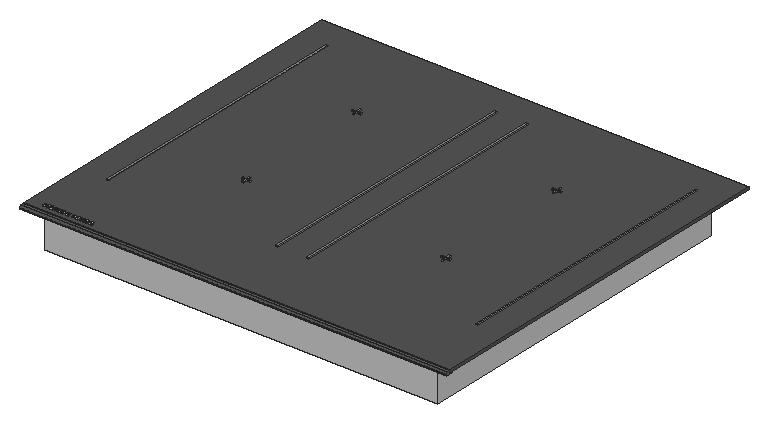
Revit family "FP_Revit_18_CI604DTB4_Cooktop_90000849A", category Specialty Equipment, Revit 2018
Family settings
  Round Connector Dimension = Use Diameter
  Part Type = Normal
  OmniClass Number = 23.40.40.14.17.11
  OmniClass Title = Cookers, Ovens, Stoves
  Work Plane-Based = No
  Always vertical = Yes
  Cut with Voids When Loaded = Yes
  Shared = No
  Room Calculation Point = No
Parameters
  Visibility - Clearance Required = yes
  URL = "www.fisherpaykel.com"
  Product - Width = 599 mm  # constant formula
  Product - Height = 54 mm  # constant formula
  Product - Depth = 530 mm  # constant formula
  Model = "CI604DTB4"
  Material - Trim = Fisher & Paykel - Aluminium, Dark
  Material - Graphics = Fisher & Paykel - Graphics Grey
  Material - Cooktop = Fisher & Paykel - Glass, Black
  Material - Body = Fisher & Paykel - Grey
  Manufacturer = "Fisher & Paykel Appliances"
  FFL Offset [instance] = 900 mm
  Description = "60cm Induction Cooktop"
  Connector Note - Electrical = "220-240 V, 30 A, 50 Hz,"
  Clearance - Side Combustible = 30 mm  # constant formula
  Clearance - Rear Combustible = 30 mm  # constant formula
  Clearance - Overhead Rangehood = 650 mm  # constant formula
  Clearance - Below = 65 mm  # constant formula
  Chassis - Width = 552 mm  # constant formula
  Chassis - Height = 49 mm  # constant formula
  Chassis - Depth = 480 mm  # constant formula
  Cavity - Width = 560 mm  # constant formula
  Cavity - Height = 65 mm  # constant formula
  Cavity - Depth = 490 mm  # constant formula
Reference planes
  plane 1 "Datum": y = 0
  plane 2: z = 0
  plane 3 "Center (Left/Right)": x = 0
  plane 4 "Product LHS": x = -299.5
  plane 5 "Product RHS": x = 299.5
  plane 6 "Product - Depth": y = 530
  plane 7 "Cavity LHS": x = -280
  plane 8 "Cavity RHS": x = 280
  plane 9 "Cavity - Depth": y = 497.2
  plane 10 "Chassis Front": y = 13.2
  plane 11 "Chassis - Depth": y = 493.2
  plane 12 "Cavity - Front": y = 7.2
  plane 13 "Basepan": z = 851
  plane 14 "Benchtop": z = 900
  plane 15 "Glass": z = 905
Forms (mm)
  Extrusion 1, solid, material "Fisher & Paykel - Glass, Black" <- "Material - Cooktop"
    sketch origin (0, 0, 0) x (0, 1, 0) y (0, 0, 1)
      loop
        line (5.299, 905) -> (5.299, 901) -> (530, 901) -> (530, 905) -> (5.299, 905)
    from -299.5 to 299.5
  Extrusion 2, solid, material "Fisher & Paykel - Aluminium, Dark" <- "Material - Trim", detail levels fine
    sketch origin (0, 0, 0) x (0, 1, 0) y (0, 0, 1)
      loop
        line (5.299, 905) -> (0.45, 905) -> (0, 901.5) -> (0, 900) -> (8.39, 900) -> (8.39, 901) -> (5.299, 901) -> (5.299, 905)
    from -299.5 to 299.5
  Extrusion 3, solid, material "Fisher & Paykel - Clearance Required (Cutout)", visible <- "Visibility - Clearance Required", detail levels coarse
    sketch origin (0, 24.768, 0) x (1, 0, 0) y (0, 1, 0)
      loop
        line (-280, 472.432) -> (-280, -17.568) -> (280, -17.568) -> (280, 472.432) -> (-280, 472.432)
    from 835 to 900
  Extrusion 4, solid, material "Fisher & Paykel - Aluminium, Dark" <- "Material - Trim", detail levels coarse+medium
    sketch origin (0, 0, 0) x (0, 1, 0) y (0, 0, 1)
      loop
        line (5.299, 905) -> (0, 905) -> (0, 900) -> (5.299, 900) -> (5.299, 905)
    from -299.5 to 299.5
  Extrusion 5, solid, material "Fisher & Paykel - Clearance Required (Rangehood)", visible <- "Visibility - Clearance Required", detail levels coarse
    sketch origin (0, 0, 0) x (1, 0, 0) y (0, 1, 0)
      loop
        line (-310, 0) -> (310, 0) -> (310, 527.2) -> (-310, 527.2) -> (-310, 0)
    from 905 to 1555
  Extrusion 6, solid, material "Fisher & Paykel - Grey" <- "Material - Body"
    sketch origin (0, 0, 0) x (0, 1, 0) y (0, 0, 1)
      loop
        line (493.2, 851) -> (493.2, 900) -> (13.2, 900) -> (13.2, 851) -> (493.2, 851)
    from -276 to 276
  Extrusion 7, solid, material "Fisher & Paykel - Grey" <- "Material - Body"
    sketch origin (-151, 0, 0) x (1, 0, 0) y (0, 1, 0)
      loop
        line (-132, 520.2) -> (-132, 8.39) -> (434, 8.39) -> (434, 520.2) -> (-132, 520.2)
    from 900 to 901
  Extrusion 8, solid, material "Fisher & Paykel - Graphics Grey" <- "Material - Graphics", detail levels fine
    sketch origin (0, 0, 0) x (1, 0, 0) y (0, 1, 0)
      loop
        line (-260.343, 487.587) -> (-260.343, 103.669) -> (-258.143, 103.669) -> (-258.143, 487.587) -> (-260.343, 487.587)
      loop
        line (257.988, 487.856) -> (257.988, 103.669) -> (260.188, 103.669) -> (260.188, 487.856) -> (257.988, 487.856)
      loop
        line (22.728, 103.669) -> (22.728, 487.856) -> (20.728, 487.856) -> (20.728, 103.669) -> (22.728, 103.669)
      loop
        line (-20.643, 487.856) -> (-22.842, 487.856) -> (-22.842, 103.669) -> (-20.643, 103.669) -> (-20.643, 487.856)
      loop
        line (-141.406, 398.249) -> (-141.406, 393.083) -> (-146.572, 393.083) -> (-146.572, 391.115) -> (-141.406, 391.115) -> (-141.406, 385.949) -> (-139.438, 385.949) -> (-139.438, 391.115) -> (-134.272, 391.115) -> (-134.272, 393.083) -> (-139.438, 393.083) -> (-139.438, 398.249) -> (-141.406, 398.249)
      loop
        line (-141.406, 204.234) -> (-141.406, 199.068) -> (-146.572, 199.068) -> (-146.572, 197.1) -> (-141.406, 197.1) -> (-141.406, 191.934) -> (-139.438, 191.934) -> (-139.438, 197.1) -> (-134.272, 197.1) -> (-134.272, 199.068) -> (-139.438, 199.068) -> (-139.438, 204.234) -> (-141.406, 204.234)
      loop
        line (141.406, 398.249) -> (139.438, 398.249) -> (139.438, 393.083) -> (134.272, 393.083) -> (134.272, 391.115) -> (139.438, 391.115) -> (139.438, 385.949) -> (141.406, 385.949) -> (141.406, 391.115) -> (146.572, 391.115) -> (146.572, 393.083) -> (141.406, 393.083) -> (141.406, 398.249)
      loop
        line (141.406, 204.234) -> (139.438, 204.234) -> (139.438, 199.068) -> (134.272, 199.068) -> (134.272, 197.1) -> (139.438, 197.1) -> (139.438, 191.934) -> (141.406, 191.934) -> (141.406, 197.1) -> (146.572, 197.1) -> (146.572, 199.068) -> (141.406, 199.068) -> (141.406, 204.234)
    from 905 to 906
  Extrusion 9, solid, material "Fisher & Paykel - Grey" <- "Material - Body", detail levels fine
    sketch origin (0, 0, 0) x (1, 0, 0) y (0, 1, 0)
      loop
        circle (0, 473.2) r 5
    from 845 to 851
  Extrusion 10, void
    sketch origin (0, 24.768, 0) x (1, 0, 0) y (0, 1, 0)
      loop
        line (-280, 472.432) -> (-280, -17.568) -> (280, -17.568) -> (280, 472.432) -> (-280, 472.432)
    from 835 to 900
Text (mm)
  text "Due to ongoing product development, product details are subject to change without notice. \nPlease always refer to www.fisherpaykel.com for the most current product information. \n© Fisher & Paykel 2020" at (41.04, -102.478, 0), in view "Ref. Level (Plan)"
Dimensions and locks
  equal spacing: plane 4 "Product LHS", plane 3 "Center (Left/Right)", plane 5 "Product RHS"
  "Product - Width": plane 4 "Product LHS" to plane 5 "Product RHS"
  equal spacing: plane 7 "Cavity LHS", plane 3 "Center (Left/Right)", plane 8 "Cavity RHS"
  "Cavity - Width": plane 7 "Cavity LHS" to plane 8 "Cavity RHS"
  "Product - Depth": Extrusion 1 to plane 1 "Datum"
  equal spacing: Extrusion 6, plane 3 "Center (Left/Right)", Extrusion 6
  "Chassis - Width": Extrusion 6 to Extrusion 6
  equal spacing: Extrusion 7, plane 3 "Center (Left/Right)", Extrusion 7
  locked: plane 1 "Datum" to plane 10 "Chassis Front" at 13.2
  plane 10 "Chassis Front" to plane 12 "Cavity - Front" = 6 mm
  "Cavity - Depth": plane 9 "Cavity - Depth" to plane 12 "Cavity - Front"
  "Chassis - Depth": plane 11 "Chassis - Depth" to plane 10 "Chassis Front"
  locked: plane 15 "Glass" to plane 14 "Benchtop" at 5
  "Chassis - Height": plane 14 "Benchtop" to plane 13 "Basepan"
  "FFL Offset": plane 14 "Benchtop" to level
  locked: plane 15 "Glass" to Extrusion 1 sketch curve at 4
  "Clearance - Below": plane 14 "Benchtop" to Extrusion 3
  locked: plane 14 "Benchtop" to Extrusion 9 at 55
  locked: Extrusion 8 to plane 15 "Glass" at 1
  locked: nested 1 to plane 15 "Glass" at 0.8
  "Clearance - Overhead Rangehood": Extrusion 5 to plane 15 "Glass"
  "Clearance - Side Combustible": plane 8 "Cavity RHS" to Extrusion 5
  "Clearance - Side Combustible": Extrusion 5 to plane 7 "Cavity LHS"
  "Clearance - Rear Combustible": Extrusion 5 to plane 9 "Cavity - Depth"
  aligned and locked: level to plane 2
  aligned and locked: Extrusion 1 to plane 5 "Product RHS"
  aligned and locked: plane 4 "Product LHS" to Extrusion 1
  aligned and locked: Extrusion 2 to plane 5 "Product RHS"
  aligned and locked: plane 4 "Product LHS" to Extrusion 4
  aligned and locked: Extrusion 4 to plane 5 "Product RHS"
  aligned and locked: plane 9 "Cavity - Depth" to Extrusion 3
  aligned and locked: plane 4 "Product LHS" to Extrusion 2
  aligned and locked: plane 11 "Chassis - Depth" to Extrusion 6
  aligned and locked: Extrusion 6 to Extrusion 7
  aligned and locked: Extrusion 9 to Extrusion 6
  aligned and locked: plane 14 "Benchtop" to Extrusion 6
  aligned and locked: Extrusion 6 to plane 13 "Basepan"
  aligned and locked: Extrusion 3 to Extrusion 6
  aligned and locked: Extrusion 5 to plane 15 "Glass"
  aligned and locked: Extrusion 1 sketch curve to plane 15 "Glass"
  aligned and locked: Extrusion 7 to Extrusion 1
  aligned and locked: Extrusion 8 to Extrusion 1
  aligned and locked: Extrusion 1 to Extrusion 4
  aligned and locked: Extrusion 4 to Extrusion 2
  aligned and locked: Extrusion 2 to Extrusion 1
  aligned and locked: Extrusion 1 to Extrusion 2
  aligned and locked: Extrusion 2 to Extrusion 3
  aligned and locked: Extrusion 10 to Extrusion 3  (x2)
Automatic sketch dimensions
  Extrusion 1 sketch curve to plane 6 "Product - Depth" = 0 mm
  Extrusion 1 sketch curve to plane 12 "Cavity - Front" = 1.901 mm
  Extrusion 2 sketch curve to plane 1 "Datum" = 0 mm
  Extrusion 2 sketch curve to plane 15 "Glass" = 0 mm
  Extrusion 2 sketch curve to plane 14 "Benchtop" = 0 mm
  Extrusion 2 sketch curve to plane 1 "Datum" = 0.45 mm
  Extrusion 2 sketch curve to plane 12 "Cavity - Front" = 1.901 mm
  plane 12 "Cavity - Front" to Extrusion 2 sketch curve = 1.189 mm
  plane 14 "Benchtop" to Extrusion 2 sketch curve = 1 mm
  plane 14 "Benchtop" to Extrusion 2 sketch curve = 1.5 mm
  Extrusion 3 sketch curve to plane 12 "Cavity - Front" = 0 mm
  plane 9 "Cavity - Depth" to Extrusion 3 sketch curve = 0 mm
  plane 7 "Cavity LHS" to Extrusion 3 sketch curve = 0 mm
  Extrusion 3 sketch curve to plane 8 "Cavity RHS" = 0 mm
  Extrusion 4 sketch curve to plane 1 "Datum" = 0 mm
  Extrusion 4 sketch curve to plane 14 "Benchtop" = 0 mm
  Extrusion 4 sketch curve to plane 15 "Glass" = 0 mm
  Extrusion 4 sketch curve to plane 12 "Cavity - Front" = 1.901 mm
  plane 1 "Datum" to Extrusion 5 sketch curve = 0 mm
  Extrusion 5 sketch curve to plane 6 "Product - Depth" = 2.8 mm
  plane 4 "Product LHS" to Extrusion 5 sketch curve = 10.5 mm
  Extrusion 5 sketch curve to plane 5 "Product RHS" = 10.5 mm
  Extrusion 6 sketch curve to plane 10 "Chassis Front" = 0 mm
  Extrusion 6 sketch curve to plane 11 "Chassis - Depth" = 0 mm
  Extrusion 6 sketch curve to plane 13 "Basepan" = 0 mm
  Extrusion 6 sketch curve to plane 14 "Benchtop" = 0 mm
  plane 12 "Cavity - Front" to Extrusion 7 sketch curve = 1.189 mm
  plane 7 "Cavity LHS" to Extrusion 7 sketch curve = 3 mm
  Extrusion 7 sketch curve to plane 8 "Cavity RHS" = 3 mm
  Extrusion 7 sketch curve to plane 6 "Product - Depth" = 9.8 mm
  Extrusion 8 sketch curve to plane 7 "Cavity LHS" = 19.657 mm
  Extrusion 8 sketch curve to Extrusion 8 sketch curve = 2.2 mm  (x3)
  Extrusion 8 sketch curve to plane 7 "Cavity LHS" = 133.428 mm  (x2)
  Extrusion 8 sketch curve to Extrusion 8 sketch curve = 5.166 mm  (x16)
  Extrusion 8 sketch curve to Extrusion 8 sketch curve = 0 mm  (x10)
  Extrusion 8 sketch curve to Extrusion 8 sketch curve = 1.968 mm  (x15)
  Extrusion 8 sketch curve to plane 11 "Chassis - Depth" = 5.344 mm  (x3)
  Extrusion 8 sketch curve to plane 3 "Center (Left/Right)" = 22.842 mm
  plane 3 "Center (Left/Right)" to Extrusion 8 sketch curve = 20.728 mm
  Extrusion 8 sketch curve to Extrusion 8 sketch curve = 2 mm
  plane 3 "Center (Left/Right)" to Extrusion 8 sketch curve = 134.272 mm  (x2)
  plane 8 "Cavity RHS" to Extrusion 8 sketch curve = 22.012 mm
  Extrusion 8 sketch curve to plane 11 "Chassis - Depth" = 5.613 mm
  Extrusion 8 sketch curve to plane 11 "Chassis - Depth" = 94.951 mm  (x2)
  Extrusion 8 sketch curve to Extrusion 8 sketch curve = 181.715 mm  (x2)
  plane 10 "Chassis Front" to Extrusion 8 sketch curve = 90.469 mm  (x3)
  Extrusion 9 sketch curve to plane 3 "Center (Left/Right)" = 0 mm
  Extrusion 9 sketch curve to plane 11 "Chassis - Depth" = 20 mm
  Extrusion 10 sketch curve to plane 12 "Cavity - Front" = 0 mm
  plane 9 "Cavity - Depth" to Extrusion 10 sketch curve = 0 mm
  plane 7 "Cavity LHS" to Extrusion 10 sketch curve = 0 mm
  Extrusion 10 sketch curve to plane 8 "Cavity RHS" = 0 mm
  radius of Extrusion 9 sketch curve = 5 mm
Nested families
  nested 1: "F&P Logo 70mm Horizontal" at (-244.001, 14.253, 905), type "F&P Logo 70mm Horizontal"
Connectors
  electrical at (0, 473.2, 845), driven by "Connector Note - Electrical"
    settings: on Extrusion 9, index 1, voltage 230 V, apparent load 0 VA, apparent load phase1 0 VA, apparent load phase2 0 VA, apparent load phase3 0 VA, power factor 1, load classification "Other", number of poles 1, system type 30, power factor state 1, is connector primary yes, connector utility no, sub classification motor no, connector description "220-240 V, 30 A, 50 Hz,"
Definition of nested family "F&P Logo 70mm Horizontal"
  Parameters (values of type "F&P Logo 70mm Horizontal")
    URL = "www.fisherpaykel.com"
    Material - Logo = none
    Manufacturer = "Fisher & Paykel Appliances"
  Reference planes
    plane 1 "Center (Front/Back)": y = 0
    plane 2: z = 0
    plane 3 "Center (Left/Right)": x = 0
  Forms (mm)
    Extrusion 1, solid, material <- "Material - Logo", detail levels fine
      sketch origin (0, 0, 0) x (1, 0, 0) y (0, 1, 0)
        loop
          line (-34.997, -0.356) -> (-33.895, -0.356) -> (-33.895, 1.141) -> (-32.174, 1.141) -> (-32.174, 2.075) -> (-33.895, 2.075) -> (-33.895, 2.943) -> (-32.023, 2.943) -> (-32.023, 3.872) -> (-34.997, 3.872) -> (-34.997, -0.356)
        loop
          line (-29.929, 3.872) -> (-29.929, -0.356) -> (-28.828, -0.356) -> (-28.828, 3.872) -> (-29.929, 3.872)
        loop
          line (-21.473, 3.872) -> (-21.473, -0.356) -> (-20.372, -0.356) -> (-20.372, 1.338) -> (-18.754, 1.338) -> (-18.754, -0.356) -> (-17.652, -0.356) -> (-17.652, 3.872) -> (-18.754, 3.872) -> (-18.754, 2.268) -> (-20.372, 2.268) -> (-20.372, 3.872) -> (-21.473, 3.872)
        loop
          line (-15.301, 3.872) -> (-15.301, -0.356) -> (-12.288, -0.356) -> (-12.288, 0.444) -> (-14.209, 0.444) -> (-14.209, 1.338) -> (-12.453, 1.338) -> (-12.453, 2.268) -> (-14.209, 2.268) -> (-14.209, 3.072) -> (-12.288, 3.072) -> (-12.288, 3.872) -> (-15.301, 3.872)
        loop
          line (32, 3.872) -> (32, -0.356) -> (35.003, -0.356) -> (35.003, 0.574) -> (33.102, 0.574) -> (33.102, 3.872) -> (32, 3.872)
        loop
          line (29.735, 3.872) -> (26.712, 3.872) -> (26.712, -0.356) -> (29.735, -0.356) -> (29.735, 0.444) -> (27.814, 0.444) -> (27.814, 1.338) -> (29.57, 1.338) -> (29.57, 2.268) -> (27.814, 2.268) -> (27.814, 3.072) -> (29.735, 3.072) -> (29.735, 3.872)
        loop
          line (23.449, 1.848) -> (25.012, 3.872) -> (23.724, 3.872) -> (22.374, 2.124) -> (22.374, 3.872) -> (21.273, 3.872) -> (21.273, -0.356) -> (22.374, -0.356) -> (22.374, 1.538) -> (23.765, -0.356) -> (25.067, -0.356) -> (23.449, 1.848)
        loop
          line (15.42, 3.872) -> (17.017, 1.338) -> (17.017, -0.356) -> (18.119, -0.356) -> (18.119, 1.283) -> (19.717, 3.872) -> (18.546, 3.872) -> (17.603, 2.239) -> (16.66, 3.872) -> (15.42, 3.872)
        loop
          line (12.969, 3.872) -> (11.922, 3.872) -> (10.2, -0.356) -> (11.282, -0.356) -> (11.585, 0.422) -> (13.278, 0.422) -> (13.581, -0.356) -> (14.69, -0.356) -> (12.969, 3.872)
        loop
          line (12.913, 1.352) -> (12.419, 2.566) -> (11.946, 1.352) -> (12.913, 1.352)
        loop
          line (5.556, 3.872) -> (5.556, -0.356) -> (6.653, -0.356) -> (6.653, 1.001) -> (7.453, 1.001)
          spline (7.453, 1.001) -> (7.884, 1.05) -> (8.285, 1.193) -> (8.63, 1.421) -> (8.895, 1.719) -> (9.061, 2.065) -> (9.118, 2.436) -> (9.061, 2.808) -> (8.895, 3.154) -> (8.63, 3.452) -> (8.285, 3.68) -> (7.884, 3.823) -> (7.453, 3.872)
          line (7.453, 3.872) -> (5.556, 3.872)
        loop
          spline (7.385, 1.882) -> (7.558, 1.9) -> (7.72, 1.953) -> (7.858, 2.037) -> (7.965, 2.147) -> (8.032, 2.275) -> (8.055, 2.412) -> (8.032, 2.55) -> (7.965, 2.677) -> (7.858, 2.787) -> (7.72, 2.872) -> (7.558, 2.924) -> (7.385, 2.943)
          line (7.385, 2.943) -> (6.585, 2.943) -> (6.585, 1.882) -> (7.385, 1.882)
        loop
          line (-8.294, 2.943) -> (-9.094, 2.943) -> (-9.094, 1.781) -> (-8.294, 1.781)
          spline (-8.294, 1.781) -> (-8.121, 1.801) -> (-7.96, 1.859) -> (-7.822, 1.951) -> (-7.716, 2.072) -> (-7.649, 2.212) -> (-7.626, 2.362) -> (-7.649, 2.512) -> (-7.716, 2.652) -> (-7.822, 2.772) -> (-7.96, 2.865) -> (-8.121, 2.923) -> (-8.294, 2.943)
        loop
          line (-8.214, 3.872) -> (-10.262, 3.872) -> (-10.262, -0.356) -> (-9.094, -0.356) -> (-9.094, 0.492) -> (-8.294, 0.492) -> (-7.647, -0.356) -> (-6.373, -0.356) -> (-7.445, 1.016)
          spline (-7.445, 1.016) -> (-7.148, 1.205) -> (-6.902, 1.45) -> (-6.72, 1.739) -> (-6.611, 2.058) -> (-6.58, 2.391) -> (-6.628, 2.723) -> (-6.754, 3.037) -> (-6.95, 3.317) -> (-7.208, 3.551) -> (-7.515, 3.726) -> (-7.856, 3.835) -> (-8.214, 3.872)
        loop
          line (0.368, 2.943) -> (0.368, 3.951) -> (-2.559, 3.951) -> (-2.559, 3.151) -> (-2.048, 2.522)
          spline (-2.048, 2.522) -> (-2.373, 2.187) -> (-2.606, 1.789) -> (-2.731, 1.355) -> (-2.74, 0.914) -> (-2.632, 0.497) -> (-2.414, 0.133) -> (-2.102, -0.155) -> (-1.716, -0.347) -> (-1.283, -0.429) -> (-0.832, -0.395) -> (-0.395, -0.249) -> (0, 0)
          line (0, 0) -> (0.504, -0.621) -> (1.644, -0.621) -> (0.602, 0.712) -> (1.591, 2.137) -> (0.459, 2.137) -> (0.003, 1.48) -> (-1.14, 2.943) -> (0.368, 2.943)
        loop
          spline (-1.353, 1.874) -> (-1.563, 1.673) -> (-1.729, 1.449) -> (-1.839, 1.217) -> (-1.886, 0.992) -> (-1.867, 0.792) -> (-1.783, 0.627) -> (-1.639, 0.511) -> (-1.447, 0.451) -> (-1.218, 0.451) -> (-0.968, 0.512) -> (-0.714, 0.628) -> (-0.475, 0.792)
          line (-0.475, 0.792) -> (-1.353, 1.874)
        loop
          arc (-25.449, 3.004) -> (-24.591, 2.949) -> (-23.808, 2.592) r 2.379
          line (-23.808, 2.592) -> (-23.808, 3.586)
          arc (-23.808, 3.586) -> (-24.619, 3.915) -> (-25.494, 3.936) r 2.437
          arc (-25.494, 3.936) -> (-26.617, 2.99) -> (-26.18, 1.588) r 1.327
          arc (-26.18, 1.588) -> (-25.746, 1.367) -> (-25.276, 1.236) r 2.46
          spline (-25.276, 1.236) -> (-25.124, 1.211) -> (-24.98, 1.158) -> (-24.856, 1.083) -> (-24.761, 0.989) -> (-24.703, 0.886) -> (-24.686, 0.78) -> (-24.713, 0.681) -> (-24.78, 0.596) -> (-24.882, 0.532) -> (-25.011, 0.494) -> (-25.158, 0.485) -> (-25.311, 0.505)
          arc (-25.311, 0.505) -> (-26.045, 0.647) -> (-26.714, 0.98) r 2.761
          line (-26.714, 0.98) -> (-26.714, -0.067)
          arc (-26.714, -0.067) -> (-25.66, -0.377) -> (-24.564, -0.318) r 3.237
          arc (-24.564, -0.318) -> (-23.597, 0.72) -> (-24.205, 2.002) r 1.263
          arc (-24.205, 2.002) -> (-24.834, 2.249) -> (-25.488, 2.42) r 5.78
          spline (-25.488, 2.42) -> (-25.537, 2.449) -> (-25.58, 2.49) -> (-25.615, 2.541) -> (-25.639, 2.6) -> (-25.653, 2.664) -> (-25.654, 2.73) -> (-25.644, 2.795) -> (-25.622, 2.856) -> (-25.59, 2.909) -> (-25.549, 2.953) -> (-25.502, 2.985) -> (-25.449, 3.004)
      from 0 to 0.8
  Dimensions and locks
    Extrusion 1 sketch curve to Extrusion 1 sketch curve = 70 mm
    aligned and locked: level to plane 2
